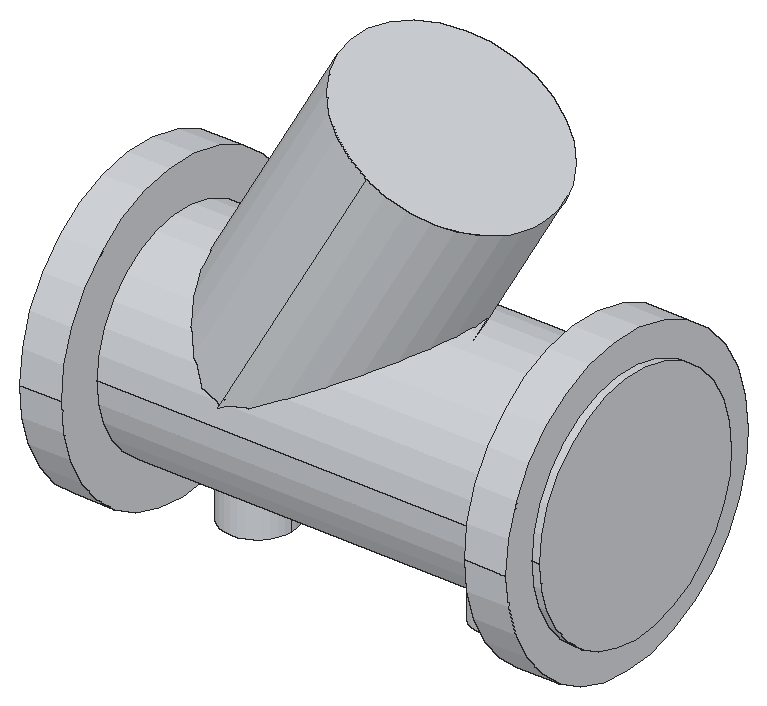
Revit family "HS 821-síto_standard-PN40-DN200-RFA_2018", category Pipe Accessories, Revit 2018
Family settings
  Round Connector Dimension = Use Diameter
  Part Type = Breaks Into
  Work Plane-Based = No
  Always vertical = Yes
  Cut with Voids When Loaded = No
  Shared = No
Parameters (values of type "821F-DN200-PN40-síto_standard")
  magiProductId = "7fb3fc01dd8d42428c203e3f8dd4d5"
  magiProductFamilyId = "79214ac3aaa945e397802f559f5c1e"
  magiPartTypeId = 307
  isMeasuringValve [instance] = no
  ang2D [instance] = 0.00°
  ZB__ve = -ZB  # -56 mm
  ZB1 = 115.425 mm
  ZB = 56 mm
  X2 = 188.361 mm
  X1 = 84 mm
  W2D = 15 mm
  VersionID = "2.0/2017.9.26.1/ZETKAMA_821_001"
  Use Minimum Symbol Size [instance] = yes
  URL = "www.hydronic.cz"
  Type Comments = "Filtr přírubový; síto standardní; A-PN16 (-10~300°C); D-PN25 (-10~350°C); F-PN40 (-10~400°C)"
  S = 285 mm
  QmdConnectorList = "301;D;302;D"
  Productdata [instance] = ""
  Manufacturer = "Hydronic Systems Prague s.r.o."
  MC Product Code = "240 693 (821F; DN200; PN40; kvs707; oko síta 1,6mm)"
  LM1 = 48 mm
  LM = 480 mm
  L4 = 150 mm
  L2D_Min = 3048 mm
  L2D = 130 mm
  L2 = 300 mm
  HH2 = 326.25 mm
  FD = 360 mm
  Description = "Filtr přírubový; síto standardní; 821A-PN16; 821D-PN25; 821F-PN40"
  DM1 = 252 mm
  DM = 256.5 mm
  D = 200 mm
  CC = 10.2 mm
  CAT0 = yes
  C1 = 49.8 mm
  C = 60 mm
  BD = 80.797 mm
Types (40, lengths in mm): name | magiProductId | ZB__ve | ZB1 | ZB | X2 | X1 | S | MC Product Code | LM1 | LM | L4 | L2 | HH2 | FD | DM1 | DM | D | CC | C1 | C | BD
  821A-DN015-PN16-síto_standard | "a71bcfe8b393460598b23e8ddf7dc5" | -16.25 | 18.63 | 16.25 | 46.982 | 18.2 | 46 | "200 115 (821A; DN015; PN16; kvs6,3; oko síta 1,00mm)" | 10.4 | 104 | 32.5 | 65 | 81.375 | 95 | 27.6 | 41.4 | 15 | 2.21 | 10.79 | 13 | 13.041
  821A-DN020-PN16-síto_standard | "41cd6c7a12924f4991217528336076" | -17.75 | 22.68 | 17.75 | 51.673 | 21 | 56 | "200 120 (821A; DN020; PN16; kvs11,2; oko síta 1,00mm)" | 12 | 120 | 37.5 | 75 | 89.5 | 105 | 33.6 | 50.4 | 20 | 2.55 | 12.45 | 15 | 15.876
  821A-DN025-PN16-síto_standard | "be378b463ed14c3abf4c9b3ae8cf3a" | -19.25 | 26.325 | 19.25 | 58.601 | 22.4 | 65 | "200 125 (821A; DN025; PN16; kvs14,7; oko síta 1,00mm)" | 12.8 | 128 | 40 | 80 | 101.5 | 115 | 43.2 | 58.5 | 25 | 2.72 | 13.28 | 16 | 18.427
  821A-DN032-PN16-síto_standard | "227a0d18b21540afabe8b6067d35fa" | -23 | 30.78 | 23 | 68.849 | 25.2 | 76 | "200 132 (821A; DN032; PN16; kvs23,7; oko síta 1,00mm)" | 14.4 | 144 | 45 | 90 | 119.25 | 140 | 50.4 | 68.4 | 32 | 3.06 | 14.94 | 18 | 21.546
  821A-DN040-PN16-síto_standard | "d106917c74724141a10440112d0102" | -24.5 | 34.02 | 24.5 | 75.777 | 28 | 84 | "200 140 (821A; DN040; PN16; kvs37,7; oko síta 1,00mm)" | 16 | 160 | 50 | 100 | 131.25 | 150 | 60 | 75.6 | 40 | 3.4 | 16.6 | 20 | 23.814
  821A-DN050-PN16-síto_standard | "8255d456a09e4f6486734f5dd9171b" | -26.75 | 40.095 | 26.75 | 79.061 | 32.2 | 99 | "200 150 (821A; DN050 PN16; kvs57,9; oko síta 1,00mm)" | 18.4 | 184 | 57.5 | 115 | 136.938 | 165 | 73.8 | 89.1 | 50 | 3.91 | 19.09 | 23 | 28.066
  821A-DN065-PN16-síto_standard | "235b1b3e4c0843779a4d5e3716d40a" | -29.75 | 47.79 | 29.75 | 86.927 | 40.6 | 118 | "200 165 (821A; DN065; PN16; kvs101,5; oko síta 1,25mm)" | 23.2 | 232 | 72.5 | 145 | 150.562 | 185 | 94.2 | 106.2 | 65 | 4.93 | 24.07 | 29 | 33.453
  821A-DN080-PN16-síto_standard | "a067f7c5236348ed8c820d16df7214" | -32 | 53.46 | 32 | 104.753 | 43.4 | 132 | "200 180 (821A; DN080; PN16; kvs147,4; oko síta 1,25mm)" | 24.8 | 248 | 77.5 | 155 | 181.438 | 200 | 107.4 | 118.8 | 80 | 5.27 | 25.73 | 31 | 37.422
  821A-DN100-PN16-síto_standard | "c49a648c2747461285837d643703cd" | -35 | 63.18 | 35 | 114.857 | 49 | 156 | "200 190 (821A; DN100; PN16; kvs209,6; oko síta 1,60mm)" | 28 | 280 | 87.5 | 175 | 198.937 | 220 | 131.4 | 140.4 | 100 | 5.95 | 29.05 | 35 | 44.226
  821A-DN125-PN16-síto_standard | "bf68e728a163493cbd2a663b26ebdc" | -39.5 | 74.52 | 39.5 | 131.888 | 56 | 184 | "200 191 (821A; DN125; PN16; kvs326,2; oko síta 1,60mm)" | 32 | 320 | 100 | 200 | 228.438 | 250 | 165 | 165.6 | 125 | 6.8 | 33.2 | 40 | 52.164
  821A-DN150-PN16-síto_standard | "2de770284b654863ae6bc865769dc5" | -44.75 | 85.455 | 44.75 | 155.885 | 67.2 | 211 | "200 192 (821A; DN150; PN16; kvs403; oko síta 1,60mm)" | 38.4 | 384 | 120 | 240 | 270 | 285 | 192 | 189.9 | 150 | 8.16 | 39.84 | 48 | 59.818
  821A-DN200-PN16-síto_standard | "8e5693371ab64aabb29a7f08c76e15" | -53 | 107.73 | 53 | 188.361 | 84 | 266 | "200 193 (821A; DN200; PN16; kvs707; oko síta 1,60mm)" | 48 | 480 | 150 | 300 | 326.25 | 340 | 252 | 239.4 | 200 | 10.2 | 49.8 | 60 | 75.411
  821A-DN250-PN16-síto_standard | "05e37ed948c34047acdd4c42556504" | -62.75 | 129.195 | 62.75 | 255.911 | 102.2 | 319 | "200 194 (821A; DN250; PN16; kvs1234; oko síta 1,60mm)" | 58.4 | 584 | 182.5 | 365 | 443.25 | 405 | 309.6 | 287.1 | 250 | 12.41 | 60.59 | 73 | 90.436
  821A-DN300-PN16-síto_standard | "9ad0af747269428da925480d83ce80" | -71 | 149.85 | 71 | 325.914 | 119 | 370 | "200 195 (821A; DN300; PN16; kvs1916; oko síta 1,60mm)" | 68 | 680 | 212.5 | 425 | 564.5 | 460 | 369.6 | 333 | 300 | 14.45 | 70.55 | 85 | 104.895
  821A-DN350-PN16-síto_standard | "eebc71459bb3451bb4355e7951370a" | -80 | 173.745 | 80 | 356.875 | 137.2 | 429 | "200 196 (821A; DN350; PN16; kvs2621; oko síta 1,60mm)" | 78.4 | 784 | 245 | 490 | 618.125 | 520 | 438 | 386.1 | 350 | 16.66 | 81.34 | 98 | 121.621
  821A-DN400-PN16-síto_standard | "d2f677cb196647e385b2590e7d8abe" | -89 | 194.4 | 89 | 392.237 | 154 | 480 | "200 197 (821A; DN400; PN16; kvs3460; oko síta 1,60mm)" | 88 | 880 | 275 | 550 | 679.375 | 580 | 498 | 432 | 400 | 18.7 | 91.3 | 110 | 136.08
  821D-DN015-PN25-síto_standard | "27ddcbf555414f8ca1fde329bf9087" | -16.25 | 18.63 | 16.25 | 46.982 | 18.2 | 46 | "200 215 (821D; DN015; PN25; kvs6,3; oko síta 1,00mm)" | 10.4 | 104 | 32.5 | 65 | 81.375 | 95 | 27.6 | 41.4 | 15 | 2.21 | 10.79 | 13 | 13.041
  821D-DN020-PN25-síto_standard | "270e0f14012f47189cd0235c18faee" | -17.75 | 22.68 | 17.75 | 51.673 | 21 | 56 | "200 220 (821D; DN020; PN25; kvs11,2; oko síta 1,00mm)" | 12 | 120 | 37.5 | 75 | 89.5 | 105 | 33.6 | 50.4 | 20 | 2.55 | 12.45 | 15 | 15.876
  821D-DN025-PN25-síto_standard | "b9a7fb4aa36643878c637d8e1ab992" | -19.25 | 26.325 | 19.25 | 58.601 | 22.4 | 65 | "200 225 (821D; DN025; PN25; kvs14,7; oko síta 1,00mm)" | 12.8 | 128 | 40 | 80 | 101.5 | 115 | 43.2 | 58.5 | 25 | 2.72 | 13.28 | 16 | 18.427
  821D-DN032-PN25-síto_standard | "6be9a55c4e68400f94eec7e804204c" | -23 | 30.78 | 23 | 68.849 | 25.2 | 76 | "200 232 (821D; DN032; PN25; kvs23,7; oko síta 1,00mm)" | 14.4 | 144 | 45 | 90 | 119.25 | 140 | 50.4 | 68.4 | 32 | 3.06 | 14.94 | 18 | 21.546
  821D-DN040-PN25-síto_standard | "c54511bd7f584ec2984291479612cb" | -24.5 | 34.02 | 24.5 | 75.777 | 28 | 84 | "200 240 (821D; DN040; PN25; kvs37,7; oko síta 1,00mm)" | 16 | 160 | 50 | 100 | 131.25 | 150 | 60 | 75.6 | 40 | 3.4 | 16.6 | 20 | 23.814
  821D-DN050-PN25-síto_standard | "5483b1f596b04cd39b23a14a22c90e" | -26.75 | 40.095 | 26.75 | 79.061 | 32.2 | 99 | "200 250 (821D; DN050; PN25; kvs57,9; oko síta 1,00mm)" | 18.4 | 184 | 57.5 | 115 | 136.938 | 165 | 73.8 | 89.1 | 50 | 3.91 | 19.09 | 23 | 28.066
  821D-DN065-PN25-síto_standard | "767b0f8318e94750bc7a9930ed5b30" | -29.75 | 47.79 | 29.75 | 86.927 | 40.6 | 118 | "200 265 (821D; DN065; PN25; kvs101,5; oko síta 1,25mm)" | 23.2 | 232 | 72.5 | 145 | 150.562 | 185 | 94.2 | 106.2 | 65 | 4.93 | 24.07 | 29 | 33.453
  821D-DN080-PN25-síto_standard | "e21040fa3cc2404b858198f6b73709" | -32 | 53.46 | 32 | 104.753 | 43.4 | 132 | "200 280 (821D; DN080; PN25; kvs147,4; oko síta 1,25mm)" | 24.8 | 248 | 77.5 | 155 | 181.438 | 200 | 107.4 | 118.8 | 80 | 5.27 | 25.73 | 31 | 37.422
  821D-DN100-PN25-síto_standard | "175ca87a506b40b3bc6b82f12f33cf" | -37.25 | 63.18 | 37.25 | 114.857 | 49 | 156 | "200 290 (821D; DN100; PN25; kvs209,6; oko síta 1,60mm)" | 28 | 280 | 87.5 | 175 | 198.937 | 235 | 131.4 | 140.4 | 100 | 5.95 | 29.05 | 35 | 44.226
  821D-DN125-PN25-síto_standard | "77cc98d60da24855999a22dff726b2" | -42.5 | 74.52 | 42.5 | 131.888 | 56 | 184 | "200 291 (821D; DN125; PN25; kvs326,2; oko síta 1,60mm)" | 32 | 320 | 100 | 200 | 228.438 | 270 | 165 | 165.6 | 125 | 6.8 | 33.2 | 40 | 52.164
  821D-DN150-PN25-síto_standard | "9cf8acfcd15547d68e83172d3abcbe" | -47 | 85.455 | 47 | 155.885 | 67.2 | 211 | "200 292 (821D; DN150; PN25; kvs403; oko síta 1,60mm)" | 38.4 | 384 | 120 | 240 | 270 | 300 | 192 | 189.9 | 150 | 8.16 | 39.84 | 48 | 59.818
  821D-DN200-PN25-síto_standard | "16973f3c9ea14389ba8602495a6b64" | -56 | 110.97 | 56 | 188.361 | 84 | 274 | "200 293 (821D; DN200; PN25; kvs707; oko síta 1,60mm)" | 48 | 480 | 150 | 300 | 326.25 | 360 | 252 | 246.6 | 200 | 10.2 | 49.8 | 60 | 77.679
  821F-DN015-PN40-síto_standard | "4c7eaf3c4c0340888b3e684d8a8616" | -16.25 | 18.225 | 16.25 | 46.982 | 18.2 | 45 | "240 615 (821F; DN015; PN40; kvs6,3; oko síta 1,00mm)" | 10.4 | 104 | 32.5 | 65 | 81.375 | 95 | 27.6 | 40.5 | 15 | 2.21 | 10.79 | 13 | 12.757
  821F-DN020-PN40-síto_standard | "aaac5f1ec96b44d6ba96ac2293d66d" | -17.75 | 23.49 | 17.75 | 51.673 | 21 | 58 | "240 620 (821F; DN020; PN40; kvs11,2; oko síta 1,00mm)" | 12 | 120 | 37.5 | 75 | 89.5 | 105 | 33.6 | 52.2 | 20 | 2.55 | 12.45 | 15 | 16.443
  821F-DN025-PN40-síto_standard | "504768023968471481789485b54c7e" | -19.25 | 27.54 | 19.25 | 58.601 | 22.4 | 68 | "240 625 (821F; DN025; PN40; kvs14,7; oko síta 1,00mm)" | 12.8 | 128 | 40 | 80 | 101.5 | 115 | 43.2 | 61.2 | 25 | 2.72 | 13.28 | 16 | 19.278
  821F-DN032-PN40-síto_standard | "165e7f39cf744f329bdf1c400dad12" | -23 | 31.59 | 23 | 68.849 | 25.2 | 78 | "240 632 (821F; DN032; PN40; kvs23,7; oko síta 1,00mm)" | 14.4 | 144 | 45 | 90 | 119.25 | 140 | 50.4 | 70.2 | 32 | 3.06 | 14.94 | 18 | 22.113
  821F-DN040-PN40-síto_standard | "b8903f952089408fbf3a5a632bab1f" | -24.5 | 35.64 | 24.5 | 75.777 | 28 | 88 | "240 640 (821F; DN040; PN40; kvs37,7; oko síta 1,00mm)" | 16 | 160 | 50 | 100 | 131.25 | 150 | 60 | 79.2 | 40 | 3.4 | 16.6 | 20 | 24.948
  821F-DN050-PN40-síto_standard | "c451f97266fe48da8f879cb6a2bd44" | -26.75 | 41.31 | 26.75 | 79.061 | 32.2 | 102 | "240 650 (821F; DN050; PN40; kvs57,9; oko síta 1,00mm)" | 18.4 | 184 | 57.5 | 115 | 136.938 | 165 | 73.8 | 91.8 | 50 | 3.91 | 19.09 | 23 | 28.917
  821F-DN065-PN40-síto_standard | "dc9821e3f9b34e128f6a8c6b34c198" | -29.75 | 49.41 | 29.75 | 86.927 | 40.6 | 122 | "240 665 (821F; DN065; PN40; kvs101,5; oko síta 1,25mm)" | 23.2 | 232 | 72.5 | 145 | 150.562 | 185 | 94.2 | 109.8 | 65 | 4.93 | 24.07 | 29 | 34.587
  821F-DN080-PN40-síto_standard | "689aa1e260f84cf4994f027a1d86b5" | -32 | 55.89 | 32 | 104.753 | 43.4 | 138 | "240 680 (821F; DN080; PN40; kvs147,4; oko síta 1,25mm)" | 24.8 | 248 | 77.5 | 155 | 181.438 | 200 | 107.4 | 124.2 | 80 | 5.27 | 25.73 | 31 | 39.123
  821F-DN100-PN40-síto_standard | "8a45d4e8e2ab425f8c432f21d684f3" | -37.25 | 65.61 | 37.25 | 114.857 | 49 | 162 | "240 690 (821F; DN100; PN40; kvs209,6; oko síta 1,6mm)" | 28 | 280 | 87.5 | 175 | 198.937 | 235 | 131.4 | 145.8 | 100 | 5.95 | 29.05 | 35 | 45.927
  821F-DN125-PN40-síto_standard | "cf073904c006406b8645afa67ea2fc" | -42.5 | 76.14 | 42.5 | 131.888 | 56 | 188 | "240 691 (821F; DN125; PN40; kvs326,2; oko síta 1,6mm)" | 32 | 320 | 100 | 200 | 228.438 | 270 | 165 | 169.2 | 125 | 6.8 | 33.2 | 40 | 53.298
  821F-DN150-PN40-síto_standard | "0153b9ddabe14992a630484929fdbc" | -47 | 88.29 | 47 | 155.885 | 67.2 | 218 | "240 692 (821F; DN150; PN40; kvs403; oko síta 1,6mm)" | 38.4 | 384 | 120 | 240 | 270 | 300 | 192 | 196.2 | 150 | 8.16 | 39.84 | 48 | 61.803
  821F-DN200-PN40-síto_standard | "7fb3fc01dd8d42428c203e3f8dd4d5" | -56 | 115.425 | 56 | 188.361 | 84 | 285 | "240 693 (821F; DN200; PN40; kvs707; oko síta 1,6mm)" | 48 | 480 | 150 | 300 | 326.25 | 360 | 252 | 256.5 | 200 | 10.2 | 49.8 | 60 | 80.797
Reference planes
  plane 1 "Center (Front/Back)": y = 0
  plane 2 "XYPLANE": z = 0
  plane 3 "Center (Left/Right)": x = 0
  plane 4 "109": x = -192
  plane 5 "108": x = 240
  plane 6 "107": x = -240
  plane 7 "105": x = 300
  plane 8 "104": x = -300
  plane 9 "103": y = 0
  plane 10 "102": z = 0
  plane 11 "101": x = -289.8
  plane 12 "100": x = 289.8
  plane 13 "11": x = -108
  plane 14 "10": z = 326.25
  plane 15 "9": x = 80.361
  plane 16 "5": z = -115.425
  plane 17 "4": x = -150
  plane 18 "1": x = 150
Forms (mm)
  Extrusion 1, solid, visible <- "CAT0"
    sketch origin (-240, -750, 0) x (0, 1, 0) y (0, 0, 1)
      loop
        circle (750, 0) r 128.25
    from 0 to 480 <- "LM"
  Extrusion 2, solid
    sketch origin (-300, -750, 0) x (0, 1, 0) y (0, 0, 1)
      loop
        circle (750, 0) r 142.5
    from 0 to 10.2 <- "CC"
  Extrusion 3, solid
    sketch origin (-289.8, -750, 0) x (0, 1, 0) y (0, 0, 1)
      loop
        circle (750, 0) r 180
    from 0 to 49.8 <- "C1"
  Extrusion 4, solid
    sketch origin (240, -750, 0) x (0, 1, 0) y (0, 0, 1)
      loop
        circle (750, 0) r 180
    from 0 to 49.8 <- "C1"
  Extrusion 5, solid
    sketch origin (289.8, -750, 0) x (0, 1, 0) y (0, 0, 1)
      loop
        circle (750, 0) r 142.5
    from 0 to 10.2 <- "CC"
  Sweep 6, solid, visible <- "CAT0"
    path origin (750, 0, 0) x (-1, 0, 0) y (0, 0, 1)
      loop
        line (990, 0) -> (858, 0) -> (669.639, 326.25)
    profile origin (-240, 0, 0) x (0, 0, -1) y (0, 1, 0)
      loop
        circle (0, 0) r 126
  Extrusion 7, solid, visible <- "CAT0"
    sketch origin (-750, 0, -115.425) x (1, 0, 0) y (0, 1, 0)
      loop
        circle (600, 0) r 40.399
    from 0 to -56 <- "ZB__ve"
  Extrusion 8, solid, visible <- "CAT0"
    sketch origin (-750, 0, -115.425) x (1, 0, 0) y (0, 1, 0)
      loop
        circle (900, 0) r 40.399
    from 0 to -56 <- "ZB__ve"
  Extrusion 9, solid, not visible
    sketch origin (300, -750, 0) x (0, 1, 0) y (0, 0, 1)
      loop
        circle (750, 0) r 10
    from 0 to -10
  Extrusion 10, solid, not visible
    sketch origin (-300, -750, 0) x (0, 1, 0) y (0, 0, 1)
      loop
        circle (750, 0) r 10
    from 0 to 10
Lines and regions (mm)
  reference lines, not visible
    curve 1: circle (2, 2, 0) r 1 normal (0, 0, 1)
Dimensions and locks
  plane 1 "Center (Front/Back)" to curve 1 = 2 mm
  "LM1": plane 6 "107" to plane 4 "109"
  "LM": plane 6 "107" to plane 5 "108"
  "C": plane 8 "104" to plane 6 "107"
  "L2": plane 3 "Center (Left/Right)" to plane 7 "105"
  "L2": plane 3 "Center (Left/Right)" to plane 8 "104"
  locked: plane 1 "Center (Front/Back)" to plane 9 "103"
  locked: plane 2 "XYPLANE" to plane 10 "102"
  "CC": plane 8 "104" to plane 11 "101"
  "C1": plane 5 "108" to plane 12 "100"
  "X1": plane 4 "109" to plane 13 "11"
  "HH2": plane 2 "XYPLANE" to plane 14 "10"
  "X2": plane 13 "11" to plane 15 "9"
  "ZB1": plane 2 "XYPLANE" to plane 16 "5"
  "L4": plane 8 "104" to plane 17 "4"
  "L2": plane 17 "4" to plane 18 "1"
  Sweep 6 sketch curve to Sweep 6 sketch curve = 0 mm  (x2)
  "DM": diameter of Extrusion 1 sketch curve
  "S": diameter of Extrusion 2 sketch curve
  "FD": diameter of Extrusion 3 sketch curve
  "FD": diameter of Extrusion 4 sketch curve
  "S": diameter of Extrusion 5 sketch curve
  "DM1": diameter of Sweep 6 sketch curve
  "BD": diameter of Extrusion 7 sketch curve
  "BD": diameter of Extrusion 8 sketch curve
  aligned and locked: level to plane 2 "XYPLANE"
  aligned and locked: Extrusion 1 sketch curve to plane 9 "103"
  aligned and locked: plane 10 "102" to Extrusion 1 sketch curve
  aligned and locked: Extrusion 2 sketch curve to plane 9 "103"
  aligned and locked: plane 10 "102" to Extrusion 2 sketch curve
  aligned and locked: Extrusion 3 sketch curve to plane 9 "103"
  aligned and locked: plane 10 "102" to Extrusion 3 sketch curve
  aligned and locked: Extrusion 4 sketch curve to plane 9 "103"
  aligned and locked: plane 10 "102" to Extrusion 4 sketch curve
  aligned and locked: Extrusion 5 sketch curve to plane 9 "103"
  aligned and locked: plane 10 "102" to Extrusion 5 sketch curve
  aligned and locked: Sweep 6 sketch curve to plane 9 "103"
  aligned and locked: plane 10 "102" to Sweep 6 sketch curve  (x3)
  aligned and locked: plane 6 "107" to Sweep 6 sketch curve
  aligned and locked: plane 13 "11" to Sweep 6 sketch curve
  aligned and locked: plane 14 "10" to Sweep 6 sketch curve
  aligned and locked: plane 15 "9" to Sweep 6 sketch curve
  aligned and locked: plane 9 "103" to Extrusion 7 sketch curve
  aligned and locked: plane 17 "4" to Extrusion 7 sketch curve
  aligned and locked: plane 9 "103" to Extrusion 8 sketch curve
  aligned and locked: plane 18 "1" to Extrusion 8 sketch curve
  aligned and locked: Extrusion 9 sketch curve to plane 9 "103"
  aligned and locked: plane 10 "102" to Extrusion 9 sketch curve
  aligned and locked: Extrusion 10 sketch curve to plane 9 "103"
  aligned and locked: plane 10 "102" to Extrusion 10 sketch curve
Automatic sketch dimensions
  plane 1 "Center (Front/Back)" to Extrusion 9 sketch curve = 10 mm
  plane 1 "Center (Front/Back)" to Extrusion 10 sketch curve = 10 mm
  plane 3 "Center (Left/Right)" to curve 1 = 2 mm
  radius of curve 1 = 1 mm
Connectors
  piping at (-300, 0, 0), diameter 200, driven by "D"
    settings: on Extrusion 10, index 1, connector inside diameter 609.6 mm, connector length 0 mm, flow factor 0, pipe flow 0.0 L/s, pressure drop 0.0 Pa, fitting loss kfactor 0, connector angle 0.00°, fixture units 0, engagement length 0 mm, angle of deflection 0.00°, flow configuration 0, flow direction 0, fitting loss method 0, system type 29, joint type 0, gender type 0, connector reference index 2, connector utility 0, adjustable connector no, is connector primary yes, connector description ""
  piping at (300, 0, 0), diameter 200, driven by "D"
    settings: on Extrusion 9, index 2, connector inside diameter 609.6 mm, connector length 0 mm, flow factor 0, pipe flow 0.0 L/s, pressure drop 0.0 Pa, fitting loss kfactor 0, connector angle 0.00°, fixture units 0, engagement length 0 mm, angle of deflection 0.00°, flow configuration 0, flow direction 0, fitting loss method 0, system type 29, joint type 0, gender type 0, connector reference index 1, connector utility 0, adjustable connector no, is connector primary no, connector description ""
